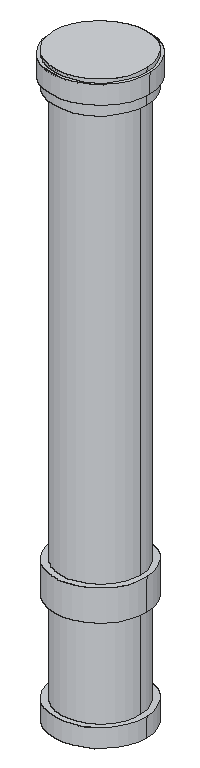
Revit family "Column (1)", category 기둥, Revit 2026
Family settings
  로드될 때 보이드를 사용하여 절단 = 아니오
  자동으로 형상을 벽에 결합합니다 = 예
  공유 = 아니오
  평면도에서 미리 절단된 패밀리 표시 = 예
Parameters (values of type "Typical")
  Material = none
  Offset base level = 0 mm
  Offset top level = 0 mm
  키노트 = "G"
Reference planes
  plane 1: y = 0
  plane 2: z = 0
  plane 3: x = 0
  plane 4: z = 0
  plane 5: z = 1168.4
  plane 6: z = 914.4
  plane 7: z = 152.4
  plane 8: z = 4699
  plane 9: z = 4610.1
  plane 10: z = 4851.4
  plane 11: z = 4876.8
Forms (mm)
  Extrusion 1, solid, material <- "Material"
    sketch origin (0, 0, 404.903) x (1, 0, 0) y (0, 1, 0)
      loop
        circle (0, 0) r 330.2
    from -252.503 to 509.497
  Extrusion 2, solid, material <- "Material"
    sketch origin (0, 1.344, 1165.406) x (1, 0, 0) y (0, 1, 0)
      loop
        circle (0, 0) r 381
    from -251.006 to 2.994
  Extrusion 3, solid, material <- "Material"
    sketch origin (0, -21.866, 1751.103) x (1, 0, 0) y (0, 1, 0)
      loop
        circle (0, 21.866) r 330.2
    from -582.703 to 2858.997
  Extrusion 4, solid, material <- "Material"
    sketch origin (0, 10.983, 4848.531) x (1, 0, 0) y (0, 1, 0)
      loop
        circle (0, -10.983) r 381
    from -238.431 to -149.531
  Extrusion 5, solid, material <- "Material"
    sketch origin (0, 10.983, 5034.57) x (1, 0, 0) y (0, 1, 0)
      loop
        circle (0, -10.983) r 406.4
    from -335.57 to -183.17
  Extrusion 6, solid, material <- "Material"
    sketch origin (0, 1.344, 233.97) x (1, 0, 0) y (0, 1, 0)
      loop
        circle (0, -1.344) r 381
    from -233.97 to -81.57
  Extrusion 7, solid, material <- "Material"
    sketch origin (0, 10.983, 5085.37) x (1, 0, 0) y (0, 1, 0)
      loop
        circle (0, -10.983) r 381
    from -233.97 to -208.57
Dimensions and locks
  "Offset base level": plane 4 to level
  plane 10 to plane 8 to plane 9 = 152.4 mm locked, 88.9 mm locked
  plane 5 to plane 6 to plane 7 to plane 4 = 254 mm, 762 mm, 152.4 mm
  locked: plane 11 to plane 10 at 25.4
  "Offset top level": level to plane 11
  aligned and locked: plane 7 to Extrusion 6
  aligned and locked: Extrusion 5 to plane 10
  aligned and locked: plane 10 to Extrusion 7
  aligned and locked: Extrusion 4 to plane 9
  aligned and locked: plane 9 to Extrusion 3
  aligned and locked: Extrusion 5 to plane 8
  aligned and locked: plane 8 to Extrusion 4
  aligned and locked: Extrusion 6 to plane 4
  aligned and locked: Extrusion 1 to plane 7
  aligned and locked: plane 6 to Extrusion 1
  aligned and locked: Extrusion 2 to plane 6
  aligned and locked: plane 5 to Extrusion 2
  aligned and locked: Extrusion 3 to plane 5
  aligned and locked: Extrusion 7 to plane 11
Automatic sketch dimensions
  Extrusion 2 sketch curve to plane 1 = 1.344 mm
  Extrusion 2 sketch curve to plane 3 = 0 mm
  Extrusion 2 sketch curve to plane 3 = 381 mm
  Extrusion 1 sketch curve to plane 1 = 0 mm
  Extrusion 1 sketch curve to plane 3 = 0 mm
  Extrusion 1 sketch curve to plane 3 = 330.2 mm
  Extrusion 3 sketch curve to plane 1 = 0 mm
  Extrusion 3 sketch curve to plane 3 = 0 mm
  Extrusion 3 sketch curve to plane 3 = 330.2 mm
  Extrusion 4 sketch curve to plane 1 = 0 mm
  Extrusion 4 sketch curve to plane 3 = 0 mm
  Extrusion 4 sketch curve to plane 3 = 381 mm
  Extrusion 5 sketch curve to plane 1 = 0 mm
  Extrusion 5 sketch curve to plane 3 = 0 mm
  Extrusion 5 sketch curve to plane 3 = 406.4 mm
  Extrusion 6 sketch curve to plane 1 = 0 mm
  Extrusion 6 sketch curve to plane 3 = 0 mm
  Extrusion 6 sketch curve to plane 3 = 381 mm
  Extrusion 7 sketch curve to plane 1 = 0 mm
  Extrusion 7 sketch curve to plane 3 = 0 mm
  Extrusion 7 sketch curve to plane 3 = 381 mm
